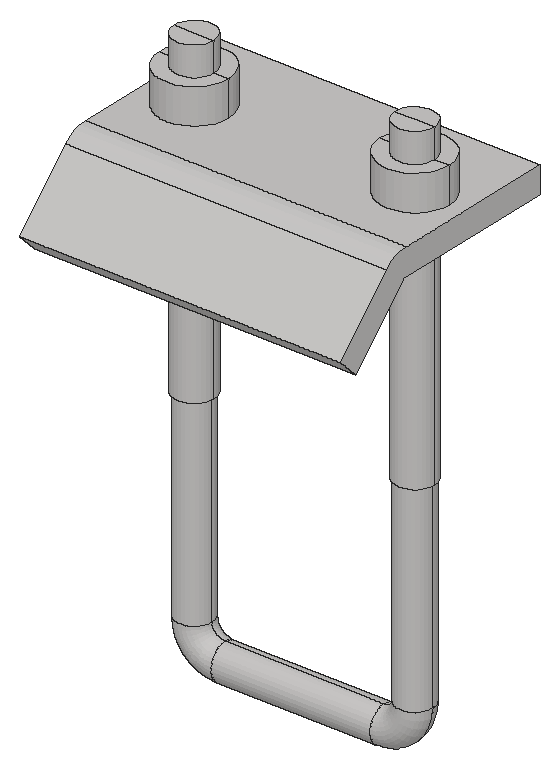
Revit family "Beam-Clamp-Atkore-P2786", category Specialty Equipment, Revit 2012
Parameters (values of type "P2786")
  ecoScorecard_data = ""
  ecoScorecard Product Page = ""
  Unit = Metal - Aluminum - Atkore - Electro - Galvanized
  URL = "http://unistrut.us/index.php"
  Thickness Gauge = 38.10 mm
  Subcategory = "Beam Clamp"  # constant formula
  Product Page URL = ""
  Part Type = "Clamp"  # constant formula
  Part Number = "P2786"
  Overall Width = 76.20 mm
  Overall Height = 90.176 mm
  Overall Depth = 59.123 mm
  Model = "P2786"  # constant formula
  Material = "Multiple Options - See Catalog"
  Manufacturer Toll Free Phone = "800-882-5543"  # constant formula
  Manufacturer Phone = "708-339-1610"  # constant formula
  Manufacturer Fax = "708-339-7814"  # constant formula
  Manufacturer Email = "mailto:questions@atkore.com"
  Manufacturer Address = "16100 South Lathrop Avenue, Harvey, IL 60426"  # constant formula
  Manufacturer = "Unistrut by Atkore International"  # constant formula
  Load Capacity Note = "Visit the product page for load application and capacity."  # constant formula
  Literature URL = ""
  Description = "Beam Clamp"  # constant formula
  Cost Info = "mailto:questions@atkore.com"
  Construction Note = ""
  CSI MasterSpec = ""
  CAD URL = ""
  Assembly Code = "D5090300"
  95 CSI = "16070"  # constant formula
  04 CSI = "26 05 48"  # constant formula
Reference planes
  plane 1 "Center (Front/Back)": y = 0
  plane 2: z = 0
  plane 3 "Center (Left/Right)": x = 0
  plane 4: y = 29.561
  plane 5: y = -29.561
  plane 6: z = 90.176
  plane 7: x = -38.1
  plane 8: x = 38.1
Dimensions and locks
  equal spacing: plane 4, plane 1 "Center (Front/Back)", plane 5
  "Overall Height": plane 6 to level
  "Overall Depth": plane 4 to plane 5
  equal spacing: plane 7, plane 3 "Center (Left/Right)", plane 8
  "Overall Width": plane 7 to plane 8
  aligned and locked: level to plane 2
  aligned and locked: plane 1 "Center (Front/Back)" to nested 1
  aligned and locked: plane 3 "Center (Left/Right)" to nested 1
Nested families
  nested 1: "P2786" at (0, 0, 0.01), type "P2786"
Definition of nested family "P2786"
  Parameters (values of type "P2786")
    Unit = none
    Thickness Gauge = 38.10 mm
  Reference planes
    plane 1 "Center (Front/Back)": y = 0
    plane 2: z = 0
    plane 3 "Center (Left/Right)": x = 0
    plane 4: y = 16.259
    plane 5: y = -16.259
  Forms (mm)
    Sweep 1, solid, material <- "Unit"
      path origin (0, 7.344, 0.653) x (1, 0, 0) y (0, 0, 1)
        loop
          line (-26.194, 62.067) -> (-26.194, 10.858)
          arc (-26.194, 10.858) -> (-24.06, 5.708) -> (-18.91, 3.575) r 7.284
          line (-18.91, 3.575) -> (18.894, 3.575)
          arc (18.894, 3.575) -> (24.056, 5.713) -> (26.194, 10.875) r 7.3
          line (26.194, 10.875) -> (26.194, 62.067)
      profile origin (-26.194, 7.344, 37.115) x (0, -1, 0) y (1, 0, 0)
        loop
          circle (0, 0) r 4.226
    Revolve 2, solid, material <- "Unit"
      sketch origin (0, 7.344, 0) x (1, 0, 0) y (0, 0, 1)
        loop
          line (-26.194, 59.182) -> (-26.194, 135.382) -> (-30.88, 135.382) -> (-30.88, 128.476) -> (-34.443, 128.476) -> (-34.443, 120.142) -> (-30.88, 120.142) -> (-30.88, 59.182) -> (-26.194, 59.182)
        axis (-26.194, 135.382) -> (-26.194, 59.182)
      angle from 0 to 360
    Extrusion 3, solid, material <- "Unit"
      sketch origin (0, 14.68, 41.275) x (0, 1, 0) y (0, 0, 1)
        loop
          line (14.881, 78.867) -> (-24.736, 78.867)
          arc (-24.736, 78.867) -> (-27.838, 78.25) -> (-30.469, 76.492) r 8.108
          line (-30.469, 76.492) -> (-44.241, 62.72) -> (-39.751, 58.229) -> (-25.927, 72.053)
          arc (-25.927, 72.053) -> (-25.414, 72.397) -> (-24.808, 72.517) r 1.583
          line (-24.808, 72.517) -> (14.881, 72.517) -> (14.881, 78.867)
      from -38.1 to 38.1
    Revolve 4, solid, material <- "Unit"
      sketch origin (0, 7.344, 0) x (-1, 0, 0) y (0, 0, 1)
        loop
          line (-26.194, 59.182) -> (-26.194, 135.382) -> (-30.88, 135.382) -> (-30.88, 128.476) -> (-34.443, 128.476) -> (-34.443, 120.142) -> (-30.88, 120.142) -> (-30.88, 59.182) -> (-26.194, 59.182)
        axis (-26.194, 135.382) -> (-26.194, 59.182)
      angle from 0 to 360
  Cuts and joins
    joined: Sweep 1, Revolve 2, Extrusion 3, Revolve 4
  Dimensions and locks
    aligned and locked: plane 2 to level
